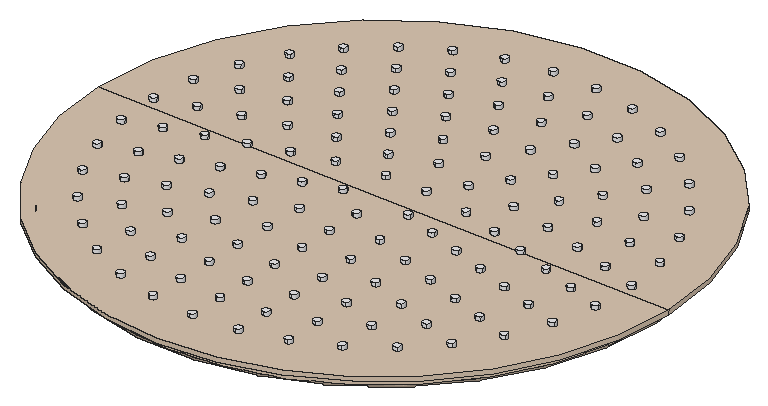
Revit family "Shower-Rainhead-KOHLER-Katalyst-K-34693T_1", category Plumbing Fixtures, host Face, Revit 2021
Family settings
  Host = Face
  Round Connector Dimension = Use Diameter
  Part Type = Normal
  OmniClass Number = 23.31.17.00
  OmniClass Title = Showers
  Cut with Voids When Loaded = No
  Shared = No
  Room Calculation Point = No
Parameters (values of type "AF-Vibrant French Gold")
  Tempered Water Inlet = "Tempered Water Inlet"  # constant formula
  Width = 12"  # constant formula
  WaterSense Certified = 1 = 0  # no
  Waste Water Outlet = "Waste Water Outlet"  # constant formula
  Waste Connection = 1 = 0  # no
  Vent Connection = 1 = 0  # no
  URL = "http://www.kohler.com.cn/"
  Type = 1
  Product Page URL = ""
  Product Name = "Katalyst\r\n"  # constant formula
  Product Documentation Link = ""
  Pressure = 80.00 psi  # constant formula
  Panel Thickness = 0"
  Model = if(Type = 1, "K-34693T-AF", if(Type = 2, "K-34693T-BL", if(Type = 3, "K-34693T-BN", "NA")))  # "K-34693T-AF"
  Material = "Premium Metal Construction"  # constant formula
  Master Format 2014 Name = "Residential Showers"  # constant formula
  Master Format 2014 = "22 42 23"  # constant formula
  Manufacturer Address = "Kohler Beijing Office (100016) 36-2-03-B, No. 88, Liuxiang Road, Beijing"  # constant formula
  Manufacturer = "Kohler Co."  # constant formula
  Length = 12"  # constant formula
  Hot Water Inlet = "Hot Water Inlet"  # constant formula
  Height = 2 117/256"  # constant formula
  HW Connection = 1 = 1  # yes
  Flow Rate = 2.8 GPM  # constant formula
  Finish = Kohler-Metal-AF-Vibrant_French_Gold
  Environmental Product Declaration = ""
  Drain Included = 1 = 0  # no
  Description = "Air Rainhead 12 inch Round"  # constant formula
  Default Elevation = 42"
  Declare Label = ""
  Date Modified = "05/24/2023"  # constant formula
  Date Created = "05/24/2023"  # constant formula
  Copyright = "Copyright Kohler Co."  # constant formula
  Contact Us = "http://www.kohler.com.cn/contact/contact-us/"
  Cold Water Inlet = "Cold Water Inlet"  # constant formula
  CW Connection = 1 = 0  # no
  Assembly Code = "D2010700"
  ADA Compliant = 1 = 0  # no
Reference planes (in)
  plane 1 "Center (Front/Back)": y = 0
  plane 2: z = 0
  plane 3 "Center (Left/Right)": x = 0
  plane 4: x = 6
  plane 5: x = -6
  plane 6: y = -6
  plane 7: y = 6
  plane 8: x = -0.7185
  plane 9: x = 0.7185
  plane 10: x = 5.76378
  plane 11: x = -5.76378
  plane 12: y = -0.49606
  plane 13: y = 0.49606
  plane 14: z = 2.45703
  plane 15: z = 2.05512
  plane 16: z = 2.11451
  plane 17: z = 2.39764
  plane 18: z = 2.37042
Dimensions and locks (in)
  "Length": plane 5 to plane 4
  level to plane 17 = 2.39764"
  plane 13 to plane 12 = 0.99213"
  plane 7 to plane 6 = 12"
  plane 11 to plane 10 = 11.52756"
  plane 18 to plane 14 = 0.08661"
  plane 16 to plane 14 = 0.34252"
  plane 9 to plane 8 = 1.43701"
  "Height": level to plane 14
  "Width": plane 6 to plane 7
  aligned and locked: plane 2 to host face
  aligned and locked: level to host face
Automatic sketch dimensions
  host sketch curve to host sketch curve = 96"  (x2)
Nested families (in)
  nested 1: "K-34693T" at (0, 0, 0), type "K-34693T"
Connectors (in)
  piping at (0, 0, 0), diameter 0.5, driven by "Flow Rate", driven by "Pressure", driven by "HW Connection", driven by "Tempered Water Inlet"
    settings: on nested 1, index 1, connector inside diameter 24", connector length 0", flow factor 0, pipe flow 2.8 GPM, pressure drop 80.00 psi, fitting loss kfactor 0, connector angle 0.00°, fixture units 0, engagement length 0", angle of deflection 0.00°, flow configuration 1, flow direction 1, fitting loss method 4, system type 19, joint type 0, gender type 0, connector reference index -1, connector utility 1, adjustable connector no, is connector primary yes, connector description "Tempered Water Inlet"
Definition of nested family "K-34693T"
  Parameters
    Material = none
    Default Elevation = 0"
  Reference planes (in)
    plane 1 "Center (Front/Back)": y = 0
    plane 2: z = 0
    plane 3 "Center (Left/Right)": x = 0
    plane 4: x = -6
    plane 5: x = 6
    plane 6: y = 6
    plane 7: y = -6
    plane 8: z = 2.05512
    plane 9: z = 2.39764
    plane 10: z = 2.45669
    plane 11: z = 2.11417
    plane 12: z = 2.37008
    plane 13: x = 5.76378
    plane 14: x = -5.76378
    plane 15: x = 0.7185
    plane 16: x = -0.7185
    plane 17: y = 0.49606
    plane 18: y = -0.49606
  Forms (in)
    Revolve 1, solid, material <- "Material", detail levels medium+fine
      sketch origin (0, 0, 0) x (1, 0, 0) y (0, 0, 1)
        loop
          line (0.43111, 0.97748) -> (0.35604, 0.97748)
          arc (0.35604, 0.97748) -> (0.32791, 0.94501) -> (0.29598, 0.91625) r 0.34761
          arc (0.29598, 0.91625) -> (0.24817, 0.79757) -> (0.32559, 0.6957) r 0.12956
          arc (0.32559, 0.6957) -> (0.39472, 0.64507) -> (0.43452, 0.56919) r 0.18975
          line (0.43452, 0.56919) -> (0.43452, 0) -> (0.47549, 0)
          arc (0.47549, 0) -> (0.49037, 0.00616) -> (0.49654, 0.02105) r 0.02105
          line (0.49654, 0.02105) -> (0.49654, 0.69859)
          arc (0.49654, 0.69859) -> (0.48063, 0.73698) -> (0.44224, 0.75288) r 0.0543
          line (0.44224, 0.75288) -> (0.35007, 0.75288)
          arc (0.35007, 0.75288) -> (0.30982, 0.80584) -> (0.33468, 0.86755) r 0.06736
          arc (0.33468, 0.86755) -> (0.38784, 0.91818) -> (0.43111, 0.97748) r 0.40982
        axis (0, 0.97748) -> (0, 0)
      angle from 0 to 360
    Revolve 2, solid, material <- "Material", detail levels medium+fine
      sketch origin (0, 0, 0) x (0, 1, 0) y (0, 0, 1)
        loop
          line (-0.5044, 2.05592) -> (-0.72559, 2.05592) -> (-0.72559, 0.97748) -> (-0.5044, 0.97748) -> (-0.5044, 2.05592)
        axis (0, 0.97748) -> (0, 2.05592)
      angle from 0 to 360
    Revolve 3, solid, material <- "Material", detail levels medium+fine
      sketch origin (0, 0, 0) x (1, 0, 0) y (0, 0, 1)
        loop
          line (-6, 2.39764) -> (-6, 2.31182) -> (-5.76378, 2.31182) -> (-5.76378, 2.11654)
          arc (-5.76378, 2.11654) -> (-5.74579, 2.07311) -> (-5.70236, 2.05512) r 0.06142
          line (-5.70236, 2.05512) -> (-0.00041, 2.05512) -> (-0.00041, 2.39764) -> (-6, 2.39764)
        axis (-0.00041, 2.05512) -> (-0.00041, 2.39764)
      angle from 0 to 360
    Extrusion 4, solid, detail levels medium+fine
      sketch origin (0, 0, 0) x (1, 0, 0) y (0, 1, 0)
        loop
          circle (-1.34061, 4.85758) r 0.07283
        loop
          circle (-2.18642, 4.54014) r 0.07283
        loop
          circle (-2.96195, 4.07678) r 0.07283
        loop
          circle (-3.64229, 3.48238) r 0.07283
        loop
          circle (-4.20556, 2.77607) r 0.07283
        loop
          circle (-4.63366, 1.98052) r 0.07283
        loop
          circle (-4.91283, 1.12132) r 0.07283
        loop
          circle (-5.0341, 0.22608) r 0.07283
        loop
          circle (-4.29563, 0.45149) r 0.07283
        loop
          circle (-4.10789, 1.33473) r 0.07283
        loop
          circle (-3.74062, 2.15965) r 0.07283
        loop
          circle (-3.20986, 2.89017) r 0.07283
        loop
          circle (-2.53882, 3.49438) r 0.07283
        loop
          circle (-1.75681, 3.94587) r 0.07283
        loop
          circle (-0.89803, 4.2249) r 0.07283
        loop
          circle (-0.45171, 5.01889) r 0.07283
        loop
          circle (-0.45113, 3.57103) r 0.07283
        loop
          circle (-1.32503, 3.34665) r 0.07283
        loop
          circle (-2.11568, 2.91198) r 0.07283
        loop
          circle (-2.77339, 2.29435) r 0.07283
        loop
          circle (-3.53565, 0.67446) r 0.07283
        loop
          circle (-2.73859, 0.88982) r 0.07283
        loop
          circle (-2.32959, 1.69254) r 0.07283
        loop
          circle (-1.69254, 2.32959) r 0.07283
        loop
          circle (-0.88982, 2.73859) r 0.07283
        loop
          circle (-1.87031, 1.07982) r 0.07283
        loop
          circle (-1.26941, 1.74719) r 0.07283
        loop
          circle (-0.44902, 2.11245) r 0.07283
        loop
          circle (-2.14781, 0.22574) r 0.07283
        loop
          circle (-1.3693, 0.44491) r 0.07283
        loop
          circle (-0.84627, 1.16479) r 0.07283
        loop
          circle (-4.29563, -0.45149) r 0.07283
        loop
          circle (-4.99357, -0.67642) r 0.07283
        loop
          circle (-3.59231, -0.22601) r 0.07283
        loop
          circle (-2.87953, 0) r 0.07283
        loop
          circle (-2.73859, -0.88982) r 0.07283
        loop
          circle (-2.05395, -0.66737) r 0.07283
        loop
          circle (-3.42324, -1.11228) r 0.07283
        loop
          circle (-4.10789, -1.33473) r 0.07283
        loop
          circle (-4.79254, -1.55719) r 0.07283
        loop
          circle (-4.43747, -2.38791) r 0.07283
        loop
          circle (-3.74062, -2.15965) r 0.07283
        loop
          circle (-3.03908, -1.92866) r 0.07283
        loop
          circle (-2.32959, -1.69254) r 0.07283
        loop
          circle (-1.60493, -1.44509) r 0.07283
        loop
          circle (-0.84627, -1.16479) r 0.07283
        loop
          circle (-3.93978, -3.14187) r 0.07283
        loop
          circle (-3.20986, -2.89017) r 0.07283
        loop
          circle (-2.46397, -2.62386) r 0.07283
        loop
          circle (-1.69254, -2.32959) r 0.07283
        loop
          circle (-0.87841, -1.97293) r 0.07283
        loop
          circle (0, -1.43976) r 0.07283
        loop
          circle (0, -2.15965) r 0.07283
        loop
          circle (0, -2.87953) r 0.07283
        loop
          circle (0, -3.59941) r 0.07283
        loop
          circle (0, -4.31929) r 0.07283
        loop
          circle (0, -5.03917) r 0.07283
        loop
          circle (-0.89978, -4.95819) r 0.07283
        loop
          circle (-0.89803, -4.2249) r 0.07283
        loop
          circle (-1.77064, -4.71785) r 0.07283
        loop
          circle (-2.58459, -4.32587) r 0.07283
        loop
          circle (-1.75681, -3.94587) r 0.07283
        loop
          circle (-0.89514, -3.48633) r 0.07283
        loop
          circle (-2.53882, -3.49438) r 0.07283
        loop
          circle (-3.31547, -3.79486) r 0.07283
        loop
          circle (-1.73403, -3.15419) r 0.07283
        loop
          circle (-0.88982, -2.73859) r 0.07283
        loop
          circle (-1.3693, -0.44491) r 0.07283
        loop
          circle (-0.68465, -0.22246) r 0.07283
        loop
          circle (-0.42314, 0.5824) r 0.07283
        loop
          circle (0, -0.71988) r 0.07283
        loop
          circle (0.68465, -0.22246) r 0.07283
        loop
          circle (0.42314, 0.5824) r 0.07283
        loop
          circle (0, 1.43976) r 0.07283
        loop
          circle (0.44902, 2.11245) r 0.07283
        loop
          circle (1.26941, 1.74719) r 0.07283
        loop
          circle (1.69254, 2.32959) r 0.07283
        loop
          circle (2.32959, 1.69254) r 0.07283
        loop
          circle (1.87031, 1.07982) r 0.07283
        loop
          circle (1.3693, 0.44491) r 0.07283
        loop
          circle (0.84627, 1.16479) r 0.07283
        loop
          circle (0, 4.31929) r 0.07283
        loop
          circle (0.45171, 5.01889) r 0.07283
        loop
          circle (1.34061, 4.85758) r 0.07283
        loop
          circle (0.89803, 4.2249) r 0.07283
        loop
          circle (2.18642, 4.54014) r 0.07283
        loop
          circle (1.75681, 3.94587) r 0.07283
        loop
          circle (1.32503, 3.34665) r 0.07283
        loop
          circle (0.45113, 3.57103) r 0.07283
        loop
          circle (0, 2.87953) r 0.07283
        loop
          circle (2.96195, 4.07678) r 0.07283
        loop
          circle (2.53882, 3.49438) r 0.07283
        loop
          circle (3.64229, 3.48238) r 0.07283
        loop
          circle (2.11568, 2.91198) r 0.07283
        loop
          circle (0.88982, 2.73859) r 0.07283
        loop
          circle (2.77339, 2.29435) r 0.07283
        loop
          circle (3.20986, 2.89017) r 0.07283
        loop
          circle (3.74062, 2.15965) r 0.07283
        loop
          circle (3.25684, 1.53255) r 0.07283
        loop
          circle (2.73859, 0.88982) r 0.07283
        loop
          circle (2.14781, 0.22574) r 0.07283
        loop
          circle (2.87953, 0) r 0.07283
        loop
          circle (3.53565, 0.67446) r 0.07283
        loop
          circle (4.10789, 1.33473) r 0.07283
        loop
          circle (4.63366, 1.98052) r 0.07283
        loop
          circle (4.20556, 2.77607) r 0.07283
        loop
          circle (4.91283, 1.12132) r 0.07283
        loop
          circle (4.29563, 0.45149) r 0.07283
        loop
          circle (1.77064, -4.71785) r 0.07283
        loop
          circle (0.89978, -4.95819) r 0.07283
        loop
          circle (0.89803, -4.2249) r 0.07283
        loop
          circle (1.75681, -3.94587) r 0.07283
        loop
          circle (2.58459, -4.32587) r 0.07283
        loop
          circle (1.73403, -3.15419) r 0.07283
        loop
          circle (2.53882, -3.49438) r 0.07283
        loop
          circle (3.31547, -3.79486) r 0.07283
        loop
          circle (3.20986, -2.89017) r 0.07283
        loop
          circle (2.46397, -2.62386) r 0.07283
        loop
          circle (1.69254, -2.32959) r 0.07283
        loop
          circle (2.32959, -1.69254) r 0.07283
        loop
          circle (3.03908, -1.92866) r 0.07283
        loop
          circle (0.87841, -1.97293) r 0.07283
        loop
          circle (0.88982, -2.73859) r 0.07283
        loop
          circle (3.42324, -1.11228) r 0.07283
        loop
          circle (2.73859, -0.88982) r 0.07283
        loop
          circle (2.05395, -0.66737) r 0.07283
        loop
          circle (1.3693, -0.44491) r 0.07283
        loop
          circle (3.59231, -0.22601) r 0.07283
        loop
          circle (4.29563, -0.45149) r 0.07283
        loop
          circle (4.99357, -0.67642) r 0.07283
        loop
          circle (4.10789, -1.33473) r 0.07283
        loop
          circle (4.79254, -1.55719) r 0.07283
        loop
          circle (3.74062, -2.15965) r 0.07283
        loop
          circle (4.43747, -2.38791) r 0.07283
        loop
          circle (5.0341, 0.22608) r 0.07283
        loop
          circle (1.60493, -1.44509) r 0.07283
        loop
          circle (0.84627, -1.16479) r 0.07283
        loop
          circle (3.93978, -3.14187) r 0.07283
        loop
          circle (0.89514, -3.48633) r 0.07283
        loop
          circle (-3.25684, 1.53255) r 0.07283
      from 2.21562 to 2.45669
    Extrusion 5, void
      sketch origin (0, 0, 0) x (0, 1, 0) y (0, 0, 1)
        loop
          arc (-0.20061, 0.16899) -> (-0.00376, 0.12518) -> (0.19309, 0.16899) r 0.46416
          line (0.19309, 0.16899) -> (0.19309, 0.47278)
          arc (0.19309, 0.47278) -> (-0.00376, 0.66963) -> (-0.20061, 0.47278) r 0.19685
          line (-0.20061, 0.47278) -> (-0.20061, 0.16899)
      from 0.47499 to 0.58058
    Extrusion 6, void
      sketch origin (0, 0, 0) x (0, 1, 0) y (0, 0, -1)
        loop
          line (-0.20061, -0.16899) -> (-0.20061, -0.47278)
          arc (-0.20061, -0.47278) -> (-0.00376, -0.66963) -> (0.19309, -0.47278) r 0.19685
          line (0.19309, -0.47278) -> (0.19309, -0.16899)
          arc (0.19309, -0.16899) -> (-0.00376, -0.12518) -> (-0.20061, -0.16899) r 0.46416
      from 0.47499 to 0.58058
    Extrusion 7, void
      sketch origin (0, 0, 0) x (0, 1, 0) y (0, 0, 1)
        loop
          line (-0.2054, 0.97748) -> (0.18831, 0.97748) -> (0.18831, 1.44552) -> (-0.2054, 1.44552) -> (-0.2054, 0.97748)
      from 0.70862 to 0.8285
    Extrusion 8, void
      sketch origin (0, 0, 0) x (0, 1, 0) y (0, 0, -1)
        loop
          line (-0.2054, -0.97748) -> (-0.2054, -1.44552) -> (0.18831, -1.44552) -> (0.18831, -0.97748) -> (-0.2054, -0.97748)
      from 0.70862 to 0.8285
    Revolve 9, solid, detail levels medium+fine
      sketch origin (0, 0, 0) x (0, 1, 0) y (0, 0, 1)
        loop
          line (0, 0.97748) -> (0, 1.02171) -> (-0.5044, 1.02171) -> (-0.5044, 0.97748) -> (0, 0.97748)
        axis (0, 0.97748) -> (0, 1.02171)
      angle from 0 to 360
    Revolve 10, void
      sketch origin (0, 0, 0) x (0, 1, 0) y (0, 0, 1)
        loop
          line (5.42126, 2.02588) -> (5.57986, 2.02588) -> (5.57986, 2.2566) -> (5.42126, 2.2566) -> (5.42126, 2.02588)
        axis (5.42126, 2.2566) -> (5.42126, 2.02588)
      angle from 0 to 360
    Revolve 11, void
      sketch origin (0, 0, 0) x (-0.382683, 0.92388, 0) y (0, 0, 1)
        loop
          line (5.42126, 2.02588) -> (5.57986, 2.02588) -> (5.57986, 2.2566) -> (5.42126, 2.2566) -> (5.42126, 2.02588)
        axis (5.42126, 2.2566) -> (5.42126, 2.02588)
      angle from 0 to 360
    Revolve 12, void
      sketch origin (0, 0, 0) x (-0.707107, 0.707107, 0) y (0, 0, 1)
        loop
          line (5.42126, 2.02588) -> (5.57986, 2.02588) -> (5.57986, 2.2566) -> (5.42126, 2.2566) -> (5.42126, 2.02588)
        axis (5.42126, 2.2566) -> (5.42126, 2.02588)
      angle from 0 to 360
    Revolve 13, void
      sketch origin (0, 0, 0) x (-0.92388, 0.382683, 0) y (0, 0, 1)
        loop
          line (5.42126, 2.02588) -> (5.57986, 2.02588) -> (5.57986, 2.2566) -> (5.42126, 2.2566) -> (5.42126, 2.02588)
        axis (5.42126, 2.2566) -> (5.42126, 2.02588)
      angle from 0 to 360
    Revolve 14, void
      sketch origin (0, 0, 0) x (0.382683, 0.92388, 0) y (0, 0, -1)
        loop
          line (5.42126, -2.02588) -> (5.42126, -2.2566) -> (5.57986, -2.2566) -> (5.57986, -2.02588) -> (5.42126, -2.02588)
        axis (5.42126, -2.2566) -> (5.42126, -2.02588)
      angle from 0 to 360
    Revolve 15, void
      sketch origin (0, 0, 0) x (0.707107, 0.707107, 0) y (0, 0, -1)
        loop
          line (5.42126, -2.02588) -> (5.42126, -2.2566) -> (5.57986, -2.2566) -> (5.57986, -2.02588) -> (5.42126, -2.02588)
        axis (5.42126, -2.2566) -> (5.42126, -2.02588)
      angle from 0 to 360
    Revolve 16, void
      sketch origin (0, 0, 0) x (0.92388, 0.382683, 0) y (0, 0, -1)
        loop
          line (5.42126, -2.02588) -> (5.42126, -2.2566) -> (5.57986, -2.2566) -> (5.57986, -2.02588) -> (5.42126, -2.02588)
        axis (5.42126, -2.2566) -> (5.42126, -2.02588)
      angle from 0 to 360
    Revolve 17, void
      sketch origin (0, 0, 0) x (0, -1, 0) y (0, 0, -1)
        loop
          line (5.42126, -2.02588) -> (5.42126, -2.2566) -> (5.57986, -2.2566) -> (5.57986, -2.02588) -> (5.42126, -2.02588)
        axis (5.42126, -2.2566) -> (5.42126, -2.02588)
      angle from 0 to 360
    Revolve 18, void
      sketch origin (0, 0, 0) x (-0.382683, -0.92388, 0) y (0, 0, -1)
        loop
          line (5.42126, -2.02588) -> (5.42126, -2.2566) -> (5.57986, -2.2566) -> (5.57986, -2.02588) -> (5.42126, -2.02588)
        axis (5.42126, -2.2566) -> (5.42126, -2.02588)
      angle from 0 to 360
    Revolve 19, void
      sketch origin (0, 0, 0) x (-0.707107, -0.707107, 0) y (0, 0, -1)
        loop
          line (5.42126, -2.02588) -> (5.42126, -2.2566) -> (5.57986, -2.2566) -> (5.57986, -2.02588) -> (5.42126, -2.02588)
        axis (5.42126, -2.2566) -> (5.42126, -2.02588)
      angle from 0 to 360
    Revolve 20, void
      sketch origin (0, 0, 0) x (-0.92388, -0.382683, 0) y (0, 0, -1)
        loop
          line (5.42126, -2.02588) -> (5.42126, -2.2566) -> (5.57986, -2.2566) -> (5.57986, -2.02588) -> (5.42126, -2.02588)
        axis (5.42126, -2.2566) -> (5.42126, -2.02588)
      angle from 0 to 360
    Revolve 21, void
      sketch origin (0, 0, 0) x (0.382683, -0.92388, 0) y (0, 0, 1)
        loop
          line (5.42126, 2.02588) -> (5.57986, 2.02588) -> (5.57986, 2.2566) -> (5.42126, 2.2566) -> (5.42126, 2.02588)
        axis (5.42126, 2.2566) -> (5.42126, 2.02588)
      angle from 0 to 360
    Revolve 22, void
      sketch origin (0, 0, 0) x (0.707107, -0.707107, 0) y (0, 0, 1)
        loop
          line (5.42126, 2.02588) -> (5.57986, 2.02588) -> (5.57986, 2.2566) -> (5.42126, 2.2566) -> (5.42126, 2.02588)
        axis (5.42126, 2.2566) -> (5.42126, 2.02588)
      angle from 0 to 360
    Revolve 23, void
      sketch origin (0, 0, 0) x (0.92388, -0.382683, 0) y (0, 0, 1)
        loop
          line (5.42126, 2.02588) -> (5.57986, 2.02588) -> (5.57986, 2.2566) -> (5.42126, 2.2566) -> (5.42126, 2.02588)
        axis (5.42126, 2.2566) -> (5.42126, 2.02588)
      angle from 0 to 360
    Revolve 24, void
      sketch origin (0.04921, 0.04921, 0) x (-1, 0, 0) y (0, 0, -1)
        loop
          line (5.42126, -2.02588) -> (5.42126, -2.2566) -> (5.57986, -2.2566) -> (5.57986, -2.02588) -> (5.42126, -2.02588)
        axis (5.42126, -2.2566) -> (5.42126, -2.02588)
      angle from 0 to 360
    Revolve 25, void
      sketch origin (-0.04921, 0.04921, 0) x (1, 0, 0) y (0, 0, 1)
        loop
          line (5.42126, 2.02588) -> (5.57986, 2.02588) -> (5.57986, 2.2566) -> (5.42126, 2.2566) -> (5.42126, 2.02588)
        axis (5.42126, 2.2566) -> (5.42126, 2.02588)
      angle from 0 to 360
    Revolve 26, solid, material <- "Material", detail levels medium+fine
      sketch origin (0, 0, 0) x (0, 1, 0) y (0, 0, 1)
        loop
          line (-5.42126, 2.05906) -> (-5.42126, 2.2566) -> (-5.53893, 2.2566) -> (-5.53893, 2.13496) -> (-5.52783, 2.10603) -> (-5.5748, 2.05906) -> (-5.42126, 2.05906)
        axis (-5.42126, 2.05906) -> (-5.42126, 2.2566)
      angle from 0 to 360
    Extrusion 27, void
      sketch origin (0, 0, 0) x (1, 0, 0) y (0, 1, 0)
        loop
          line (0.04921, -5.44967) -> (0.04921, -5.39285) -> (0, -5.36443) -> (-0.04921, -5.39285) -> (-0.04921, -5.44967) -> (0, -5.47809) -> (0.04921, -5.44967)
        loop
          line (2.09637, -5.06109) -> (2.13097, -5.01601) -> (2.10922, -4.96351) -> (2.05288, -4.95609) -> (2.01829, -5.00117) -> (2.04003, -5.05367) -> (2.09637, -5.06109)
        loop
          line (3.87359, -3.87359) -> (3.8883, -3.8187) -> (3.84812, -3.77852) -> (3.79323, -3.79323) -> (3.77852, -3.84812) -> (3.8187, -3.8883) -> (3.87359, -3.87359)
        loop
          line (5.06109, -2.09637) -> (5.05367, -2.04003) -> (5.00117, -2.01829) -> (4.95609, -2.05288) -> (4.96351, -2.10922) -> (5.01601, -2.13097) -> (5.06109, -2.09637)
        loop
          line (5.40046, 0.09843) -> (5.34363, 0.09843) -> (5.31522, 0.04921) -> (5.34363, 0) -> (5.40046, 0) -> (5.42887, 0.04921) -> (5.40046, 0.09843)
        loop
          line (5.06109, 2.09637) -> (5.01601, 2.13097) -> (4.96351, 2.10922) -> (4.95609, 2.05288) -> (5.00117, 2.01829) -> (5.05367, 2.04003) -> (5.06109, 2.09637)
        loop
          line (3.84812, 3.77852) -> (3.8883, 3.8187) -> (3.87359, 3.87359) -> (3.8187, 3.8883) -> (3.77852, 3.84812) -> (3.79323, 3.79323) -> (3.84812, 3.77852)
        loop
          line (2.10922, 4.96351) -> (2.13097, 5.01601) -> (2.09637, 5.06109) -> (2.04003, 5.05367) -> (2.01829, 5.00117) -> (2.05288, 4.95609) -> (2.10922, 4.96351)
        loop
          line (0, 5.36443) -> (0.04921, 5.39285) -> (0.04921, 5.44967) -> (0, 5.47809) -> (-0.04921, 5.44967) -> (-0.04921, 5.39285) -> (0, 5.36443)
        loop
          line (-2.05288, 4.95609) -> (-2.01829, 5.00117) -> (-2.04003, 5.05367) -> (-2.09637, 5.06109) -> (-2.13097, 5.01601) -> (-2.10922, 4.96351) -> (-2.05288, 4.95609)
        loop
          line (-3.84812, 3.77852) -> (-3.79323, 3.79323) -> (-3.77852, 3.84812) -> (-3.8187, 3.8883) -> (-3.87359, 3.87359) -> (-3.8883, 3.8187) -> (-3.84812, 3.77852)
        loop
          line (-5.00117, 2.01829) -> (-4.95609, 2.05288) -> (-4.96351, 2.10922) -> (-5.01601, 2.13097) -> (-5.06109, 2.09637) -> (-5.05367, 2.04003) -> (-5.00117, 2.01829)
        loop
          line (-5.34979, 0) -> (-5.32137, 0.04921) -> (-5.34979, 0.09843) -> (-5.40661, 0.09843) -> (-5.43502, 0.04921) -> (-5.40661, 0) -> (-5.34979, 0)
        loop
          line (-5.01601, -2.13097) -> (-4.96351, -2.10922) -> (-4.95609, -2.05288) -> (-5.00117, -2.01829) -> (-5.05367, -2.04003) -> (-5.06109, -2.09637) -> (-5.01601, -2.13097)
        loop
          line (-3.8187, -3.8883) -> (-3.77852, -3.84812) -> (-3.79323, -3.79323) -> (-3.84812, -3.77852) -> (-3.8883, -3.8187) -> (-3.87359, -3.87359) -> (-3.8187, -3.8883)
        loop
          line (-2.09637, -5.06109) -> (-2.04003, -5.05367) -> (-2.01829, -5.00117) -> (-2.05288, -4.95609) -> (-2.10922, -4.96351) -> (-2.13097, -5.01601) -> (-2.09637, -5.06109)
      from 1.69278 to 2.17713
    Revolve 28, solid, material <- "Material", detail levels medium+fine
      sketch origin (0, 0, 0) x (0.382683, 0.92388, 0) y (0, 0, 1)
        loop
          line (-5.42126, 2.05906) -> (-5.42126, 2.2566) -> (-5.53893, 2.2566) -> (-5.53893, 2.13496) -> (-5.52783, 2.10603) -> (-5.5748, 2.05906) -> (-5.42126, 2.05906)
        axis (-5.42126, 2.05906) -> (-5.42126, 2.2566)
      angle from 0 to 360
    Revolve 29, solid, material <- "Material", detail levels medium+fine
      sketch origin (0, 0, 0) x (0.707107, 0.707107, 0) y (0, 0, 1)
        loop
          line (-5.42126, 2.05906) -> (-5.42126, 2.2566) -> (-5.53893, 2.2566) -> (-5.53893, 2.13496) -> (-5.52783, 2.10603) -> (-5.5748, 2.05906) -> (-5.42126, 2.05906)
        axis (-5.42126, 2.05906) -> (-5.42126, 2.2566)
      angle from 0 to 360
    Revolve 30, solid, material <- "Material", detail levels medium+fine
      sketch origin (0, 0, 0) x (0.92388, 0.382683, 0) y (0, 0, 1)
        loop
          line (-5.42126, 2.05906) -> (-5.42126, 2.2566) -> (-5.53893, 2.2566) -> (-5.53893, 2.13496) -> (-5.52783, 2.10603) -> (-5.5748, 2.05906) -> (-5.42126, 2.05906)
        axis (-5.42126, 2.05906) -> (-5.42126, 2.2566)
      angle from 0 to 360
    Revolve 31, solid, material <- "Material", detail levels medium+fine
      sketch origin (0.04921, 0.04921, 0) x (1, 0, 0) y (0, 0, 1)
        loop
          line (-5.42126, 2.05906) -> (-5.42126, 2.2566) -> (-5.53893, 2.2566) -> (-5.53893, 2.13496) -> (-5.52783, 2.10603) -> (-5.5748, 2.05906) -> (-5.42126, 2.05906)
        axis (-5.42126, 2.05906) -> (-5.42126, 2.2566)
      angle from 0 to 360
    Revolve 32, solid, material <- "Material", detail levels medium+fine
      sketch origin (0, 0, 0) x (0, -1, 0) y (0, 0, -1)
        loop
          line (-5.42126, -2.05906) -> (-5.5748, -2.05906) -> (-5.52783, -2.10603) -> (-5.53893, -2.13496) -> (-5.53893, -2.2566) -> (-5.42126, -2.2566) -> (-5.42126, -2.05906)
        axis (-5.42126, -2.05906) -> (-5.42126, -2.2566)
      angle from 0 to 360
    Revolve 33, solid, material <- "Material", detail levels medium+fine
      sketch origin (0, 0, 0) x (0.382683, -0.92388, 0) y (0, 0, -1)
        loop
          line (-5.42126, -2.05906) -> (-5.5748, -2.05906) -> (-5.52783, -2.10603) -> (-5.53893, -2.13496) -> (-5.53893, -2.2566) -> (-5.42126, -2.2566) -> (-5.42126, -2.05906)
        axis (-5.42126, -2.05906) -> (-5.42126, -2.2566)
      angle from 0 to 360
    Revolve 34, solid, material <- "Material", detail levels medium+fine
      sketch origin (0, 0, 0) x (0.707107, -0.707107, 0) y (0, 0, -1)
        loop
          line (-5.42126, -2.05906) -> (-5.5748, -2.05906) -> (-5.52783, -2.10603) -> (-5.53893, -2.13496) -> (-5.53893, -2.2566) -> (-5.42126, -2.2566) -> (-5.42126, -2.05906)
        axis (-5.42126, -2.05906) -> (-5.42126, -2.2566)
      angle from 0 to 360
    Revolve 35, solid, material <- "Material", detail levels medium+fine
      sketch origin (0, 0, 0) x (0.92388, -0.382683, 0) y (0, 0, -1)
        loop
          line (-5.42126, -2.05906) -> (-5.5748, -2.05906) -> (-5.52783, -2.10603) -> (-5.53893, -2.13496) -> (-5.53893, -2.2566) -> (-5.42126, -2.2566) -> (-5.42126, -2.05906)
        axis (-5.42126, -2.05906) -> (-5.42126, -2.2566)
      angle from 0 to 360
    Revolve 36, solid, material <- "Material", detail levels medium+fine
      sketch origin (0, 0, 0) x (-0.382683, 0.92388, 0) y (0, 0, -1)
        loop
          line (-5.42126, -2.05906) -> (-5.5748, -2.05906) -> (-5.52783, -2.10603) -> (-5.53893, -2.13496) -> (-5.53893, -2.2566) -> (-5.42126, -2.2566) -> (-5.42126, -2.05906)
        axis (-5.42126, -2.05906) -> (-5.42126, -2.2566)
      angle from 0 to 360
    Revolve 37, solid, material <- "Material", detail levels medium+fine
      sketch origin (0, 0, 0) x (-0.707107, 0.707107, 0) y (0, 0, -1)
        loop
          line (-5.42126, -2.05906) -> (-5.5748, -2.05906) -> (-5.52783, -2.10603) -> (-5.53893, -2.13496) -> (-5.53893, -2.2566) -> (-5.42126, -2.2566) -> (-5.42126, -2.05906)
        axis (-5.42126, -2.05906) -> (-5.42126, -2.2566)
      angle from 0 to 360
    Revolve 38, solid, material <- "Material", detail levels medium+fine
      sketch origin (0, 0, 0) x (-0.92388, 0.382683, 0) y (0, 0, -1)
        loop
          line (-5.42126, -2.05906) -> (-5.5748, -2.05906) -> (-5.52783, -2.10603) -> (-5.53893, -2.13496) -> (-5.53893, -2.2566) -> (-5.42126, -2.2566) -> (-5.42126, -2.05906)
        axis (-5.42126, -2.05906) -> (-5.42126, -2.2566)
      angle from 0 to 360
    Revolve 39, solid, material <- "Material", detail levels medium+fine
      sketch origin (-0.04921, 0.04921, 0) x (-1, 0, 0) y (0, 0, -1)
        loop
          line (-5.42126, -2.05906) -> (-5.5748, -2.05906) -> (-5.52783, -2.10603) -> (-5.53893, -2.13496) -> (-5.53893, -2.2566) -> (-5.42126, -2.2566) -> (-5.42126, -2.05906)
        axis (-5.42126, -2.05906) -> (-5.42126, -2.2566)
      angle from 0 to 360
    Revolve 40, solid, material <- "Material", detail levels medium+fine
      sketch origin (0, 0, 0) x (-0.382683, -0.92388, 0) y (0, 0, 1)
        loop
          line (-5.42126, 2.05906) -> (-5.42126, 2.2566) -> (-5.53893, 2.2566) -> (-5.53893, 2.13496) -> (-5.52783, 2.10603) -> (-5.5748, 2.05906) -> (-5.42126, 2.05906)
        axis (-5.42126, 2.05906) -> (-5.42126, 2.2566)
      angle from 0 to 360
    Revolve 41, solid, material <- "Material", detail levels medium+fine
      sketch origin (0, 0, 0) x (-0.707107, -0.707107, 0) y (0, 0, 1)
        loop
          line (-5.42126, 2.05906) -> (-5.42126, 2.2566) -> (-5.53893, 2.2566) -> (-5.53893, 2.13496) -> (-5.52783, 2.10603) -> (-5.5748, 2.05906) -> (-5.42126, 2.05906)
        axis (-5.42126, 2.05906) -> (-5.42126, 2.2566)
      angle from 0 to 360
    Revolve 42, solid, material <- "Material", detail levels medium+fine
      sketch origin (0, 0, 0) x (-0.92388, -0.382683, 0) y (0, 0, 1)
        loop
          line (-5.42126, 2.05906) -> (-5.42126, 2.2566) -> (-5.53893, 2.2566) -> (-5.53893, 2.13496) -> (-5.52783, 2.10603) -> (-5.5748, 2.05906) -> (-5.42126, 2.05906)
        axis (-5.42126, 2.05906) -> (-5.42126, 2.2566)
      angle from 0 to 360
    Revolve 43, solid, material <- "Material", detail levels coarse
      sketch origin (0, 0, 0) x (1, 0, 0) y (0, 0, 1)
        loop
          line (-6, 2.39764) -> (-6, 2.31182) -> (-5.76378, 2.31182) -> (-5.76378, 2.05512) -> (-0.00041, 2.05512) -> (-0.00041, 2.39764) -> (-6, 2.39764)
        axis (-0.00041, 2.05512) -> (-0.00041, 2.39764)
      angle from 0 to 360
    Revolve 44, solid, material <- "Material", detail levels coarse
      sketch origin (0, 0, 0) x (0, 1, 0) y (0, 0, 1)
        loop
          line (0, 0) -> (0, 2.05512) -> (-0.72559, 2.05512) -> (-0.72559, 0.97748) -> (-0.49872, 0.97748) -> (-0.49872, 0) -> (0, 0)
        axis (0, 0) -> (0, 2.05512)
      angle from 0 to 360
    Extrusion 45, solid, material <- "Material"
      sketch origin (0, 0, 0) x (1, 0, 0) y (0, 1, 0)
        loop
          circle (0, 0) r 0.07874
      from 0 to 0.04948
  Cuts and joins
    Extrusion 5, Extrusion 6 cuts Revolve 1
    Extrusion 7, Extrusion 8 cuts Revolve 2
    Revolve 10, Revolve 11, Revolve 12, Revolve 13, Revolve 14, Revolve 15, Revolve 16, Revolve 17, Revolve 18, Revolve 19, Revolve 20, Revolve 21, Revolve 22, Revolve 23, Revolve 24, Revolve 25, Extrusion 27 cuts Revolve 3
    Extrusion 27 cuts Revolve 26
    Extrusion 27 cuts Revolve 28
    Extrusion 27 cuts Revolve 36
    Extrusion 27 cuts Revolve 37
    Extrusion 27 cuts Revolve 38
    Extrusion 27 cuts Revolve 39
    Extrusion 27 cuts Revolve 42
    Extrusion 27 cuts Revolve 41
    Extrusion 27 cuts Revolve 40
    Extrusion 27 cuts Revolve 32
    Extrusion 27 cuts Revolve 33
    Extrusion 27 cuts Revolve 34
    Extrusion 27 cuts Revolve 35
    Extrusion 27 cuts Revolve 31
    Extrusion 27 cuts Revolve 30
    Extrusion 27 cuts Revolve 29
  Lines and regions (in)
    Masking region 1
      outline origin (0, 0, 0) x (1, 0, 0) y (0, 1, 0)
        loop
          circle (0, 0) r 6
    Masking region 2
      outline origin (0, 0, 0) x (1, 0, 0) y (0, 0, 1)
        loop
          line (6, 2.39764) -> (5.10693, 2.39764) -> (5.10693, 2.45669) -> (4.69254, 2.45669) -> (4.56083, 2.45669) -> (4.56083, 2.39764) -> (4.51031, 2.39764) -> (4.51031, 2.45669) -> (4.36807, 2.45669) -> (4.36807, 2.39764) -> (4.27839, 2.39764) -> (4.27839, 2.45669) -> (4.00802, 2.45669) -> (3.86695, 2.45669) -> (3.86695, 2.39764) -> (3.81345, 2.39764) -> (3.81345, 2.45669) -> (3.56945, 2.45669) -> (3.56945, 2.39764) -> (3.46282, 2.39764) -> (3.46282, 2.45669) -> (3.36785, 2.45669) -> (3.12473, 2.45669) -> (2.88912, 2.45669) -> (2.88912, 2.39764) -> (2.84623, 2.39764) -> (2.84623, 2.45669) -> (2.65983, 2.45669) -> (2.46598, 2.45669) -> (2.46598, 2.39764) -> (2.40242, 2.39764) -> (2.40242, 2.45669) -> (2.11358, 2.45669) -> (2.11358, 2.39764) -> (2.04285, 2.39764) -> (2.04285, 2.45669) -> (1.98111, 2.45669) -> (1.98111, 2.39764) -> (1.94314, 2.39764) -> (1.94314, 2.45669) -> (1.53209, 2.45669) -> (1.53209, 2.39764) -> (1.44213, 2.39764) -> (1.44213, 2.45669) -> (1.19657, 2.45669) -> (1.19657, 2.39764) -> (0.97261, 2.39764) -> (0.97261, 2.45669) -> (0.74873, 2.45669) -> (0.61181, 2.45669) -> (0.61181, 2.39764) -> (0.52396, 2.39764) -> (0.52396, 2.45669) -> (0.3503, 2.45669) -> (0.3503, 2.39764) -> (0.07283, 2.39764) -> (0.07283, 2.45669) -> (-0.07283, 2.45669) -> (-0.07283, 2.39764) -> (-0.3503, 2.39764) -> (-0.3503, 2.45669) -> (-0.52454, 2.45669) -> (-0.52454, 2.39764) -> (-0.61181, 2.39764) -> (-0.61181, 2.45669) -> (-0.74423, 2.45669) -> (-0.97261, 2.45669) -> (-0.97261, 2.39764) -> (-1.19657, 2.39764) -> (-1.19657, 2.45669) -> (-1.44213, 2.45669) -> (-1.44213, 2.39764) -> (-1.53209, 2.39764) -> (-1.53209, 2.45669) -> (-1.94314, 2.45669) -> (-1.94314, 2.39764) -> (-1.98111, 2.39764) -> (-1.98111, 2.45669) -> (-2.04285, 2.45669) -> (-2.04285, 2.39764) -> (-2.11358, 2.39764) -> (-2.11358, 2.45669) -> (-2.40242, 2.45669) -> (-2.40242, 2.39764) -> (-2.46598, 2.39764) -> (-2.46598, 2.45669) -> (-2.65983, 2.45669) -> (-2.84623, 2.45669) -> (-2.84623, 2.39764) -> (-2.88912, 2.39764) -> (-2.88912, 2.45669) -> (-3.12473, 2.45669) -> (-3.36785, 2.45669) -> (-3.46282, 2.45669) -> (-3.46282, 2.39764) -> (-3.56945, 2.39764) -> (-3.56945, 2.45669) -> (-3.81345, 2.45669) -> (-3.81345, 2.39764) -> (-3.86695, 2.39764) -> (-3.86695, 2.45669) -> (-4.00802, 2.45669) -> (-4.27839, 2.45669) -> (-4.27839, 2.39764) -> (-4.36807, 2.39764) -> (-4.36807, 2.45669) -> (-4.51031, 2.45669) -> (-4.51031, 2.39764) -> (-4.56083, 2.39764) -> (-4.56083, 2.45669) -> (-4.69254, 2.45669) -> (-5.10693, 2.45669) -> (-5.10693, 2.39764) -> (-6, 2.39764) -> (-6, 2.31182) -> (-5.76378, 2.31182) -> (-5.76378, 2.1156)
          arc (-5.76378, 2.1156) -> (-5.74607, 2.07283) -> (-5.7033, 2.05512) r 0.06048
          line (-5.7033, 2.05512) -> (-0.7185, 2.05512) -> (-0.7185, 1.44976) -> (-0.6859, 1.44976) -> (-0.6859, 0.97723) -> (-0.43342, 0.97723)
          arc (-0.43342, 0.97723) -> (-0.38894, 0.91883) -> (-0.33521, 0.86882) r 0.43118
          arc (-0.33521, 0.86882) -> (-0.30942, 0.80567) -> (-0.35071, 0.75138) r 0.06876
          arc (-0.35071, 0.75138) -> (-0.40845, 0.71708) -> (-0.45499, 0.66868) r 0.25051
          line (-0.45499, 0.66868) -> (-0.45499, 0.16911) -> (-0.49662, 0.12748) -> (-0.49662, 0.02134)
          arc (-0.49662, 0.02134) -> (-0.49037, 0.00625) -> (-0.47529, 0) r 0.02134
          line (-0.47529, 0) -> (0.47529, 0)
          arc (0.47529, 0) -> (0.49037, 0.00625) -> (0.49662, 0.02134) r 0.02134
          line (0.49662, 0.02134) -> (0.49662, 0.12748) -> (0.45499, 0.16911) -> (0.45499, 0.66868)
          arc (0.45499, 0.66868) -> (0.40845, 0.71708) -> (0.35071, 0.75138) r 0.25051
          arc (0.35071, 0.75138) -> (0.30942, 0.80567) -> (0.33521, 0.86882) r 0.06876
          arc (0.33521, 0.86882) -> (0.38894, 0.91883) -> (0.43342, 0.97723) r 0.43118
          line (0.43342, 0.97723) -> (0.6859, 0.97723) -> (0.6859, 1.44976) -> (0.7185, 1.44976) -> (0.7185, 2.05512) -> (5.7033, 2.05512)
          arc (5.7033, 2.05512) -> (5.74607, 2.07283) -> (5.76378, 2.1156) r 0.06048
          line (5.76378, 2.1156) -> (5.76378, 2.31182) -> (6, 2.31182) -> (6, 2.39764)
    Masking region 3
      outline origin (0, 0, 0) x (0, 1, 0) y (0, 0, 1)
        loop
          line (6, 2.39764) -> (5.40945, 2.39764) -> (5.09143, 2.39764) -> (5.09143, 2.45669) -> (4.78474, 2.45669) -> (4.78474, 2.39764) -> (4.61297, 2.39764) -> (4.61297, 2.45669) -> (4.4673, 2.45669) -> (4.4673, 2.39764) -> (4.39213, 2.39764) -> (4.39213, 2.45669) -> (3.87303, 2.45669) -> (3.87303, 2.39764) -> (3.64386, 2.39764) -> (3.64386, 2.45669) -> (3.27381, 2.45669) -> (3.27381, 2.39764) -> (2.98482, 2.39764) -> (2.98482, 2.45669) -> (2.66576, 2.45669) -> (2.66576, 2.39764) -> (2.40242, 2.39764) -> (2.40242, 2.45669) -> (1.90769, 2.45669) -> (1.90769, 2.39764) -> (1.82002, 2.39764) -> (1.82002, 2.45669) -> (1.00699, 2.45669) -> (1.00699, 2.39764) -> (0.96266, 2.39764) -> (0.96266, 2.45669) -> (0.81699, 2.45669) -> (0.81699, 2.39764) -> (0.7473, 2.39764) -> (0.7473, 2.45669) -> (0.60163, 2.45669) -> (0.60163, 2.39764) -> (0.52432, 2.39764) -> (0.52432, 2.45669) -> (0.37208, 2.45669) -> (0.37208, 2.39764) -> (0.29858, 2.39764) -> (0.29858, 2.45669) -> (0.15291, 2.45669) -> (0.15291, 2.39764) -> (0.07283, 2.39764) -> (0.07283, 2.45669) -> (-0.07283, 2.45669) -> (-0.07283, 2.39764) -> (-0.14962, 2.39764) -> (-0.14962, 2.45669) -> (-0.29884, 2.45669) -> (-0.29884, 2.39764) -> (-0.37208, 2.39764) -> (-0.37208, 2.45669) -> (-0.52432, 2.45669) -> (-0.52432, 2.39764) -> (-0.59453, 2.39764) -> (-0.59453, 2.45669) -> (-0.79272, 2.45669) -> (-0.96266, 2.45669) -> (-0.96266, 2.39764) -> (-1.03944, 2.39764) -> (-1.03944, 2.45669) -> (-1.40757, 2.45669) -> (-1.40757, 2.39764) -> (-1.48436, 2.39764) -> (-1.48436, 2.45669) -> (-1.63002, 2.45669) -> (-1.76538, 2.45669) -> (-1.76538, 2.39764) -> (-1.85583, 2.39764) -> (-1.85583, 2.45669) -> (-2.04577, 2.45669) -> (-2.04577, 2.39764) -> (-2.08681, 2.39764) -> (-2.08681, 2.45669) -> (-2.46074, 2.45669) -> (-2.46074, 2.39764) -> (-2.55102, 2.39764) -> (-2.55102, 2.45669) -> (-2.963, 2.45669) -> (-2.963, 2.39764) -> (-3.06904, 2.39764) -> (-3.06904, 2.45669) -> (-3.22702, 2.45669) -> (-3.22702, 2.39764) -> (-3.41349, 2.39764) -> (-3.41349, 2.45669) -> (-3.67224, 2.45669) -> (-3.67224, 2.39764) -> (-3.72202, 2.39764) -> (-3.72202, 2.45669) -> (-4.0187, 2.45669) -> (-4.0187, 2.39764) -> (-4.15207, 2.39764) -> (-4.15207, 2.45669) -> (-4.39871, 2.45669) -> (-4.39871, 2.39764) -> (-4.64502, 2.39764) -> (-4.64502, 2.45669) -> (-4.79068, 2.45669) -> (-4.79068, 2.39764) -> (-4.88653, 2.39764) -> (-4.88653, 2.45669) -> (-5.11201, 2.45669) -> (-5.11201, 2.39764) -> (-6, 2.39764) -> (-6, 2.31102) -> (-5.76378, 2.31102) -> (-5.76378, 2.11213)
          arc (-5.76378, 2.11213) -> (-5.74708, 2.07182) -> (-5.70677, 2.05512) r 0.05701
          line (-5.70677, 2.05512) -> (-0.7204, 2.05512) -> (-0.7204, 0.97568) -> (-0.43139, 0.97568)
          arc (-0.43139, 0.97568) -> (-0.3827, 0.91556) -> (-0.32934, 0.85955) r 0.96173
          arc (-0.32934, 0.85955) -> (-0.31049, 0.79754) -> (-0.35311, 0.7487) r 0.06682
          arc (-0.35311, 0.7487) -> (-0.45411, 0.67321) -> (-0.49606, 0.55429) r 0.21694
          line (-0.49606, 0.55429) -> (-0.49606, 0.02033)
          arc (-0.49606, 0.02033) -> (-0.49011, 0.00595) -> (-0.47574, 0) r 0.02033
          line (-0.47574, 0) -> (0.47574, 0)
          arc (0.47574, 0) -> (0.49011, 0.00595) -> (0.49606, 0.02033) r 0.02033
          line (0.49606, 0.02033) -> (0.49606, 0.55429)
          arc (0.49606, 0.55429) -> (0.45411, 0.67321) -> (0.35311, 0.7487) r 0.21694
          arc (0.35311, 0.7487) -> (0.31049, 0.79754) -> (0.32934, 0.85955) r 0.06682
          arc (0.32934, 0.85955) -> (0.3827, 0.91556) -> (0.43139, 0.97568) r 0.96173
          line (0.43139, 0.97568) -> (0.7204, 0.97568) -> (0.7204, 2.05512) -> (5.70677, 2.05512)
          arc (5.70677, 2.05512) -> (5.74708, 2.07182) -> (5.76378, 2.11213) r 0.05701
          line (5.76378, 2.11213) -> (5.76378, 2.31102) -> (6, 2.31102) -> (6, 2.39764)
    symbolic lines, detail levels medium+fine
      curve 1: circle (-1.34061, 4.85758, 0) r 0.07283 normal (0, 0, -1)
      curve 2: arc (-2.21802, 4.60576, 0) -> (-2.12079, 4.57174, 0) -> (-2.15481, 4.47452, 0) r 0.07283
      curve 3: arc (-2.15481, 4.47452, 0) -> (-2.25204, 4.50854, 0) -> (-2.21802, 4.60576, 0) r 0.07283
      curve 4: arc (-2.91914, 4.01785, 0) -> (-3.02088, 4.03397, 0) -> (-3.00476, 4.1357, 0) r 0.07283
      curve 5: arc (-3.00476, 4.1357, 0) -> (-2.90303, 4.11959, 0) -> (-2.91914, 4.01785, 0) r 0.07283
      curve 6: arc (-3.58964, 3.43205, 0) -> (-3.69262, 3.42974, 0) -> (-3.69493, 3.53272, 0) r 0.07283
      curve 7: arc (-3.69493, 3.53272, 0) -> (-3.59196, 3.53503, 0) -> (-3.58964, 3.43205, 0) r 0.07283
      curve 8: arc (-4.14477, 2.73594, 0) -> (-4.24568, 2.71528, 0) -> (-4.26635, 2.81619, 0) r 0.07283
      curve 9: arc (-4.26635, 2.81619, 0) -> (-4.16543, 2.83685, 0) -> (-4.14477, 2.73594, 0) r 0.07283
      curve 10: arc (-4.56669, 1.9519, 0) -> (-4.66229, 1.91355, 0) -> (-4.70063, 2.00915, 0) r 0.07283
      curve 11: arc (-4.70063, 2.00915, 0) -> (-4.60503, 2.04749, 0) -> (-4.56669, 1.9519, 0) r 0.07283
      curve 12: arc (-4.98384, 1.13753, 0) -> (-4.89662, 1.19233, 0) -> (-4.84182, 1.10511, 0) r 0.07283
      curve 13: arc (-4.84182, 1.10511, 0) -> (-4.92904, 1.05031, 0) -> (-4.98384, 1.13753, 0) r 0.07283
      curve 14: arc (-5.10686, 0.22935, 0) -> (-5.03083, 0.29884, 0) -> (-4.96134, 0.22281, 0) r 0.07283
      curve 15: arc (-4.96134, 0.22281, 0) -> (-5.03737, 0.15332, 0) -> (-5.10686, 0.22935, 0) r 0.07283
      curve 16: arc (-4.36807, 0.4591, 0) -> (-4.28802, 0.52392, 0) -> (-4.22319, 0.44388, 0) r 0.07283
      curve 17: arc (-4.22319, 0.44388, 0) -> (-4.30324, 0.37905, 0) -> (-4.36807, 0.4591, 0) r 0.07283
      curve 18: arc (-4.03862, 1.31223, 0) -> (-4.1304, 1.26546, 0) -> (-4.17716, 1.35724, 0) r 0.07283
      curve 19: arc (-4.17716, 1.35724, 0) -> (-4.08538, 1.404, 0) -> (-4.03862, 1.31223, 0) r 0.07283
      curve 20: arc (-3.80369, 2.19606, 0) -> (-3.7042, 2.22272, 0) -> (-3.67754, 2.12323, 0) r 0.07283
      curve 21: arc (-3.67754, 2.12323, 0) -> (-3.77703, 2.09657, 0) -> (-3.80369, 2.19606, 0) r 0.07283
      curve 22: arc (-3.26399, 2.93891, 0) -> (-3.16112, 2.9443, 0) -> (-3.15573, 2.84143, 0) r 0.07283
      curve 23: arc (-3.15573, 2.84143, 0) -> (-3.25859, 2.83604, 0) -> (-3.26399, 2.93891, 0) r 0.07283
      curve 24: arc (-2.496, 3.43546, 0) -> (-2.59774, 3.45157, 0) -> (-2.58163, 3.5533, 0) r 0.07283
      curve 25: arc (-2.58163, 3.5533, 0) -> (-2.47989, 3.53719, 0) -> (-2.496, 3.43546, 0) r 0.07283
      curve 26: arc (-1.72719, 3.87933, 0) -> (-1.82335, 3.91624, 0) -> (-1.78644, 4.01241, 0) r 0.07283
      curve 27: arc (-1.78644, 4.01241, 0) -> (-1.69028, 3.97549, 0) -> (-1.72719, 3.87933, 0) r 0.07283
      curve 28: arc (-0.88289, 4.15366, 0) -> (-0.96927, 4.20976, 0) -> (-0.91317, 4.29615, 0) r 0.07283
      curve 29: arc (-0.91317, 4.29615, 0) -> (-0.82679, 4.24005, 0) -> (-0.88289, 4.15366, 0) r 0.07283
      curve 30: arc (-0.45824, 5.09143, 0) -> (-0.37917, 5.02542, 0) -> (-0.44518, 4.94635, 0) r 0.07283
      curve 31: arc (-0.44518, 4.94635, 0) -> (-0.52425, 5.01236, 0) -> (-0.45824, 5.09143, 0) r 0.07283
      curve 32: arc (-0.46025, 3.64329, 0) -> (-0.37887, 3.58016, 0) -> (-0.442, 3.49877, 0) r 0.07283
      curve 33: arc (-1.35184, 3.41437, 0) -> (-1.25731, 3.37346, 0) -> (-1.29822, 3.27893, 0) r 0.07283
      curve 34: arc (-1.29822, 3.27893, 0) -> (-1.39275, 3.31983, 0) -> (-1.35184, 3.41437, 0) r 0.07283
      curve 35: arc (-0.442, 3.49877, 0) -> (-0.52339, 3.5619, 0) -> (-0.46025, 3.64329, 0) r 0.07283
      curve 36: arc (-2.15849, 2.97091, 0) -> (-2.05676, 2.95479, 0) -> (-2.07287, 2.85306, 0) r 0.07283
      curve 37: arc (-2.07287, 2.85306, 0) -> (-2.1746, 2.86917, 0) -> (-2.15849, 2.97091, 0) r 0.07283
      curve 38: arc (-2.82951, 2.34078, 0) -> (-2.72697, 2.35047, 0) -> (-2.71727, 2.24792, 0) r 0.07283
      curve 39: arc (-2.71727, 2.24792, 0) -> (-2.81982, 2.23823, 0) -> (-2.82951, 2.34078, 0) r 0.07283
      curve 40: arc (-3.6072, 0.68811, 0) -> (-3.52201, 0.74601, 0) -> (-3.46411, 0.66081, 0) r 0.07283
      curve 41: arc (-3.46411, 0.66081, 0) -> (-3.5493, 0.60292, 0) -> (-3.6072, 0.68811, 0) r 0.07283
      curve 42: arc (-2.80786, 0.91233, 0) -> (-2.71609, 0.95909, 0) -> (-2.66932, 0.86732, 0) r 0.07283
      curve 43: arc (-2.66932, 0.86732, 0) -> (-2.7611, 0.82055, 0) -> (-2.80786, 0.91233, 0) r 0.07283
      curve 44: arc (-2.27066, 1.64973, 0) -> (-2.3724, 1.63362, 0) -> (-2.38851, 1.73535, 0) r 0.07283
      curve 45: arc (-2.38851, 1.73535, 0) -> (-2.28678, 1.75147, 0) -> (-2.27066, 1.64973, 0) r 0.07283
      curve 46: arc (-1.73535, 2.38851, 0) -> (-1.63362, 2.3724, 0) -> (-1.64973, 2.27066, 0) r 0.07283
      curve 47: arc (-1.64973, 2.27066, 0) -> (-1.75147, 2.28678, 0) -> (-1.73535, 2.38851, 0) r 0.07283
      curve 48: arc (-0.86732, 2.66932, 0) -> (-0.95909, 2.71609, 0) -> (-0.91233, 2.80786, 0) r 0.07283
      curve 49: arc (-0.91233, 2.80786, 0) -> (-0.82055, 2.7611, 0) -> (-0.86732, 2.66932, 0) r 0.07283
      curve 50: arc (-1.93338, 1.11624, 0) -> (-1.83389, 1.1429, 0) -> (-1.80723, 1.04341, 0) r 0.07283
      curve 51: arc (-1.80723, 1.04341, 0) -> (-1.90673, 1.01675, 0) -> (-1.93338, 1.11624, 0) r 0.07283
      curve 52: arc (-1.2266, 1.68827, 0) -> (-1.32833, 1.70438, 0) -> (-1.31222, 1.80611, 0) r 0.07283
      curve 53: arc (-1.31222, 1.80611, 0) -> (-1.21048, 1.79, 0) -> (-1.2266, 1.68827, 0) r 0.07283
      curve 54: arc (-0.46416, 2.1837, 0) -> (-0.37777, 2.1276, 0) -> (-0.43387, 2.04121, 0) r 0.07283
      curve 55: arc (-0.43387, 2.04121, 0) -> (-0.52026, 2.09731, 0) -> (-0.46416, 2.1837, 0) r 0.07283
      curve 56: arc (-2.22025, 0.23336, 0) -> (-2.1402, 0.29818, 0) -> (-2.07538, 0.21813, 0) r 0.07283
      curve 57: arc (-2.07538, 0.21813, 0) -> (-2.15543, 0.15331, 0) -> (-2.22025, 0.23336, 0) r 0.07283
      curve 58: arc (-1.30003, 0.4224, 0) -> (-1.3918, 0.37564, 0) -> (-1.43857, 0.46742, 0) r 0.07283
      curve 59: arc (-1.43857, 0.46742, 0) -> (-1.34679, 0.51418, 0) -> (-1.30003, 0.4224, 0) r 0.07283
      curve 60: arc (-0.80346, 1.10587, 0) -> (-0.9052, 1.12198, 0) -> (-0.88908, 1.22372, 0) r 0.07283
      curve 61: arc (-0.88908, 1.22372, 0) -> (-0.78735, 1.2076, 0) -> (-0.80346, 1.10587, 0) r 0.07283
      curve 62: arc (-4.36807, -0.4591, 0) -> (-4.30324, -0.37905, 0) -> (-4.22319, -0.44388, 0) r 0.07283
      curve 63: arc (-4.22319, -0.44388, 0) -> (-4.28802, -0.52392, 0) -> (-4.36807, -0.4591, 0) r 0.07283
      curve 64: arc (-4.92139, -0.66665, 0) -> (-4.98379, -0.7486, 0) -> (-5.06574, -0.6862, 0) r 0.07283
      curve 65: arc (-5.06574, -0.6862, 0) -> (-5.00334, -0.60425, 0) -> (-4.92139, -0.66665, 0) r 0.07283
      curve 66: arc (-3.51962, -0.22144, 0) -> (-3.58773, -0.2987, 0) -> (-3.665, -0.23058, 0) r 0.07283
      curve 67: arc (-3.665, -0.23058, 0) -> (-3.59688, -0.15332, 0) -> (-3.51962, -0.22144, 0) r 0.07283
      curve 68: arc (-2.80669, 0, 0) -> (-2.87953, -0.07283, 0) -> (-2.95236, 0, 0) r 0.07283
      curve 69: arc (-2.95236, 0, 0) -> (-2.87953, 0.07283, 0) -> (-2.80669, 0, 0) r 0.07283
      curve 70: arc (-2.66932, -0.86732, 0) -> (-2.71609, -0.95909, 0) -> (-2.80786, -0.91233, 0) r 0.07283
      curve 71: arc (-2.80786, -0.91233, 0) -> (-2.7611, -0.82055, 0) -> (-2.66932, -0.86732, 0) r 0.07283
      curve 72: arc (-2.12321, -0.68987, 0) -> (-2.07645, -0.5981, 0) -> (-1.98468, -0.64486, 0) r 0.07283
      curve 73: arc (-1.98468, -0.64486, 0) -> (-2.03144, -0.73664, 0) -> (-2.12321, -0.68987, 0) r 0.07283
      curve 74: arc (-3.35397, -1.08977, 0) -> (-3.40073, -1.18155, 0) -> (-3.49251, -1.13479, 0) r 0.07283
      curve 75: arc (-3.49251, -1.13479, 0) -> (-3.44575, -1.04301, 0) -> (-3.35397, -1.08977, 0) r 0.07283
      curve 76: arc (-4.17716, -1.35724, 0) -> (-4.1304, -1.26546, 0) -> (-4.03862, -1.31223, 0) r 0.07283
      curve 77: arc (-4.03862, -1.31223, 0) -> (-4.08538, -1.404, 0) -> (-4.17716, -1.35724, 0) r 0.07283
      curve 78: arc (-4.72327, -1.53468, 0) -> (-4.77003, -1.62646, 0) -> (-4.86181, -1.5797, 0) r 0.07283
      curve 79: arc (-4.86181, -1.5797, 0) -> (-4.81505, -1.48792, 0) -> (-4.72327, -1.53468, 0) r 0.07283
      curve 80: arc (-4.37334, -2.35339, 0) -> (-4.40296, -2.45204, 0) -> (-4.50161, -2.42242, 0) r 0.07283
      curve 81: arc (-4.50161, -2.42242, 0) -> (-4.47199, -2.32377, 0) -> (-4.37334, -2.35339, 0) r 0.07283
      curve 82: arc (-3.80369, -2.19606, 0) -> (-3.77703, -2.09657, 0) -> (-3.67754, -2.12323, 0) r 0.07283
      curve 83: arc (-3.67754, -2.12323, 0) -> (-3.7042, -2.22272, 0) -> (-3.80369, -2.19606, 0) r 0.07283
      curve 84: arc (-2.97759, -1.88963, 0) -> (-3.00006, -1.99016, 0) -> (-3.10058, -1.96769, 0) r 0.07283
      curve 85: arc (-3.10058, -1.96769, 0) -> (-3.07811, -1.86716, 0) -> (-2.97759, -1.88963, 0) r 0.07283
      curve 86: arc (-2.27066, -1.64973, 0) -> (-2.28678, -1.75147, 0) -> (-2.38851, -1.73535, 0) r 0.07283
      curve 87: arc (-2.38851, -1.73535, 0) -> (-2.3724, -1.63362, 0) -> (-2.27066, -1.64973, 0) r 0.07283
      curve 88: arc (-1.5508, -1.39635, 0) -> (-1.55619, -1.49921, 0) -> (-1.65906, -1.49382, 0) r 0.07283
      curve 89: arc (-1.65906, -1.49382, 0) -> (-1.65367, -1.39096, 0) -> (-1.5508, -1.39635, 0) r 0.07283
      curve 90: arc (-0.88908, -1.22372, 0) -> (-0.9052, -1.12198, 0) -> (-0.80346, -1.10587, 0) r 0.07283
      curve 91: arc (-0.80346, -1.10587, 0) -> (-0.78735, -1.2076, 0) -> (-0.88908, -1.22372, 0) r 0.07283
      curve 92: arc (-3.99673, -3.18728, 0) -> (-3.9852, -3.08493, 0) -> (-3.88284, -3.09646, 0) r 0.07283
      curve 93: arc (-3.88284, -3.09646, 0) -> (-3.89437, -3.19882, 0) -> (-3.99673, -3.18728, 0) r 0.07283
      curve 94: arc (-3.26399, -2.93891, 0) -> (-3.25859, -2.83604, 0) -> (-3.15573, -2.84143, 0) r 0.07283
      curve 95: arc (-3.15573, -2.84143, 0) -> (-3.16112, -2.9443, 0) -> (-3.26399, -2.93891, 0) r 0.07283
      curve 96: arc (-2.51382, -2.67695, 0) -> (-2.51706, -2.574, 0) -> (-2.41411, -2.57076, 0) r 0.07283
      curve 97: arc (-2.41411, -2.57076, 0) -> (-2.41087, -2.67372, 0) -> (-2.51382, -2.67695, 0) r 0.07283
      curve 98: arc (-1.73535, -2.38851, 0) -> (-1.75147, -2.28678, 0) -> (-1.64973, -2.27066, 0) r 0.07283
      curve 99: arc (-1.64973, -2.27066, 0) -> (-1.63362, -2.3724, 0) -> (-1.73535, -2.38851, 0) r 0.07283
      curve 100: arc (-0.90803, -2.03947, 0) -> (-0.94494, -1.94331, 0) -> (-0.84878, -1.9064, 0) r 0.07283
      curve 101: arc (-0.84878, -1.9064, 0) -> (-0.81187, -2.00256, 0) -> (-0.90803, -2.03947, 0) r 0.07283
      curve 102: arc (0, -1.5126, 0) -> (-0.07283, -1.43976, 0) -> (0, -1.36693, 0) r 0.07283
      curve 103: arc (0, -1.36693, 0) -> (0.07283, -1.43976, 0) -> (0, -1.5126, 0) r 0.07283
      curve 104: arc (0, -2.08681, 0) -> (0.07283, -2.15965, 0) -> (0, -2.23248, 0) r 0.07283
      curve 105: arc (0, -2.23248, 0) -> (-0.07283, -2.15965, 0) -> (0, -2.08681, 0) r 0.07283
      curve 106: arc (0, -2.80669, 0) -> (0.07283, -2.87953, 0) -> (0, -2.95236, 0) r 0.07283
      curve 107: arc (0, -2.95236, 0) -> (-0.07283, -2.87953, 0) -> (0, -2.80669, 0) r 0.07283
      curve 108: arc (0, -3.52657, 0) -> (0.07283, -3.59941, 0) -> (0, -3.67224, 0) r 0.07283
      curve 109: arc (0, -3.67224, 0) -> (-0.07283, -3.59941, 0) -> (0, -3.52657, 0) r 0.07283
      curve 110: arc (0, -4.24646, 0) -> (0.07283, -4.31929, 0) -> (0, -4.39213, 0) r 0.07283
      curve 111: arc (0, -4.39213, 0) -> (-0.07283, -4.31929, 0) -> (0, -4.24646, 0) r 0.07283
      curve 112: arc (0, -4.96634, 0) -> (0.07283, -5.03917, 0) -> (0, -5.11201, 0) r 0.07283
      curve 113: arc (0, -5.11201, 0) -> (-0.07283, -5.03917, 0) -> (0, -4.96634, 0) r 0.07283
      curve 114: arc (-0.88677, -4.88653, 0) -> (-0.82811, -4.9712, 0) -> (-0.91278, -5.02986, 0) r 0.07283
      curve 115: arc (-0.91278, -5.02986, 0) -> (-0.97144, -4.94519, 0) -> (-0.88677, -4.88653, 0) r 0.07283
      curve 116: arc (-0.91317, -4.29615, 0) -> (-0.96927, -4.20976, 0) -> (-0.88289, -4.15366, 0) r 0.07283
      curve 117: arc (-0.88289, -4.15366, 0) -> (-0.82679, -4.24005, 0) -> (-0.91317, -4.29615, 0) r 0.07283
      curve 118: arc (-1.74505, -4.64966, 0) -> (-1.70245, -4.74344, 0) -> (-1.79623, -4.78604, 0) r 0.07283
      curve 119: arc (-1.79623, -4.78604, 0) -> (-1.83883, -4.69226, 0) -> (-1.74505, -4.64966, 0) r 0.07283
      curve 120: arc (-2.54723, -4.26335, 0) -> (-2.52206, -4.36323, 0) -> (-2.62195, -4.3884, 0) r 0.07283
      curve 121: arc (-2.62195, -4.3884, 0) -> (-2.64711, -4.28852, 0) -> (-2.54723, -4.26335, 0) r 0.07283
      curve 122: arc (-1.78644, -4.01241, 0) -> (-1.82335, -3.91624, 0) -> (-1.72719, -3.87933, 0) r 0.07283
      curve 123: arc (-1.72719, -3.87933, 0) -> (-1.69028, -3.97549, 0) -> (-1.78644, -4.01241, 0) r 0.07283
      curve 124: arc (-0.91325, -3.55687, 0) -> (-0.96568, -3.46821, 0) -> (-0.87702, -3.41578, 0) r 0.07283
      curve 125: arc (-0.87702, -3.41578, 0) -> (-0.82459, -3.50444, 0) -> (-0.91325, -3.55687, 0) r 0.07283
      curve 126: arc (-2.58163, -3.5533, 0) -> (-2.59774, -3.45157, 0) -> (-2.496, -3.43546, 0) r 0.07283
      curve 127: arc (-2.496, -3.43546, 0) -> (-2.47989, -3.53719, 0) -> (-2.58163, -3.5533, 0) r 0.07283
      curve 128: arc (-3.26755, -3.74001, 0) -> (-3.26062, -3.84278, 0) -> (-3.36339, -3.84971, 0) r 0.07283
      curve 129: arc (-3.36339, -3.84971, 0) -> (-3.37032, -3.74694, 0) -> (-3.26755, -3.74001, 0) r 0.07283
      curve 130: arc (-1.76912, -3.21801, 0) -> (-1.79785, -3.1191, 0) -> (-1.69894, -3.09036, 0) r 0.07283
      curve 131: arc (-1.69894, -3.09036, 0) -> (-1.6702, -3.18927, 0) -> (-1.76912, -3.21801, 0) r 0.07283
      curve 132: arc (-0.91233, -2.80786, 0) -> (-0.95909, -2.71609, 0) -> (-0.86732, -2.66932, 0) r 0.07283
